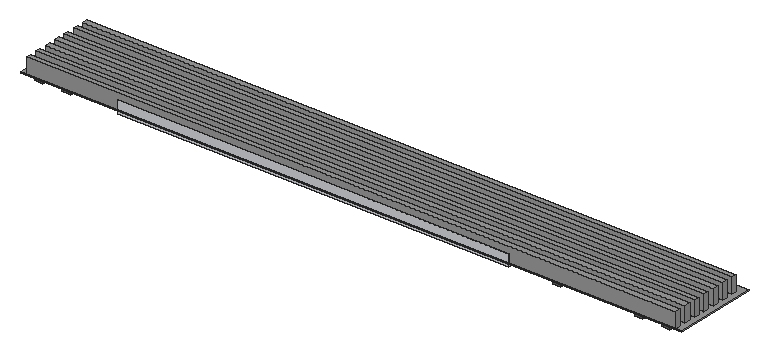
Revit family "1113-7, Solid", category Generic Models, host Face, Revit 2020
Family settings
  Host = Face
  Can host rebar = No
  Round Connector Dimension = Use Diameter
  Part Type = Normal
  Cut with Voids When Loaded = No
  Shared = No
  Room Calculation Point = No
Parameters
  min_value [instance] = 1' - 11 1/4"  # constant formula
  max_value [instance] = 11' - 11 1/4"  # constant formula
  actual_value [instance] = if(NET LENGTH < min_value, min_value, if(NET LENGTH > max_value, max_value, NET LENGTH))  # 7' - 11 1/4"
  SCRIM MATERIAL [instance] = SCRIM
  SCRIM [instance] = yes
  NET LENGTH [instance] = 7' - 11 1/4"
  Default Elevation = 4' - 0"
  BACKER MATERIAL [instance] = BLACK-BACKERS
  .. MEMBER WIDTH [instance] = 0' - 0 3/4"  # constant formula
  .. MEMBER MATERIAL [instance] = Solid Western Hemlock
  .. MEMBER LENGTH [instance] = actual_value  # 7' - 11 1/4"
  .. MEMBER DEPTH [instance] = 0' - 2 1/4"  # constant formula
  .. MEMBER COUNT [instance] = 7  # constant formula
  IMPORTANT NOTE!!!                                                                             *Backer layout is for visualization purposes only, final layout to be determined by 9Wood. [instance] = ""
Reference planes (in)
  plane 1 "Center (Front/Back)": y = 0
  plane 2: z = 1.82209
  plane 3 "Center (Left/Right)": x = 0
Forms (in)
  Extrusion 1, solid
    sketch origin (132, -33.80483, 0) x (1, 0, 0) y (0, 1, 0)
      loop
        line (-118.625, 33.80483) -> (-61.26146, 33.80483) -> (-61.26146, 45.86733) -> (-118.625, 45.86733) -> (-118.625, 33.80483)
    from 1.82209 to 0
Dimensions and locks (in)
  aligned and locked: Extrusion 1 to plane 2
  aligned and locked: plane 3 "Center (Left/Right)" to nested 1
Nested families (in)
  nested 1: "1100 SERIES CONFIG" at (0, 2, 0), .. MEMBER DEPTH <- ".. MEMBER DEPTH", .. MEMBER LENGTH <- ".. MEMBER LENGTH", .. MEMBER WIDTH <- ".. MEMBER WIDTH", .. MEMBER MATERIAL <- ".. MEMBER MATERIAL", BACKING M MATERIAL <- "BACKER MATERIAL", SCRIM  MATERIAL <- "SCRIM MATERIAL", .. MEMBER COUNT <- ".. MEMBER COUNT", SCRIM <- "SCRIM", type "1100 SERIES CONFIG"
    with X 7' - 8", SCRIM OVERHANG 2 0' - 0 3/32", SCRIM OVERHANG 0' - 0 7/8", SCRIM LENGTH 8' - 1", SCRIM  MATERIAL SCRIM, SCRIM yes, NOMINAL LENGTH 7, N 8, Inset 6' - 0 3/8", INSET 0' - 1", INDEX 0' - 5 5/8", HALF MEMBER WIDTH 0' - 0 3/8", HALF LENGTH 3' - 11 5/8", END BACKER yes, BACKING M WIDTH 0' - 1 1/4", BACKING M OC SPACING 1' - 0", BACKING M MATERIAL BLACK-BACKERS, BACKING M LENGTH 0' - 11 7/8", BACKING M DEPTH 0' - 0 1/2", BACKING M COUNT 8, 3/16" INSET 0' - 0 3/16", .. MEMBER WIDTH 0' - 0 3/4", .. MEMBER OC SPACING 0' - 1.71429", .. MEMBER MATERIAL Solid Western Hemlock, .. MEMBER LENGTH 7' - 11 1/4", .. MEMBER DEPTH 0' - 2 1/4", .. MEMBER COUNT 7
Definition of nested family "1100 SERIES CONFIG"
  Parameters (values of type "1100 SERIES CONFIG")
    X [instance] = .. MEMBER LENGTH - 0' 3 1/4"  # 5' - 5"
    SCRIM OVERHANG 2 [instance] = 0' - 0 3/32"  # constant formula
    SCRIM OVERHANG [instance] = 0' - 0 7/8"  # constant formula
    SCRIM LENGTH [instance] = .. MEMBER LENGTH + (SCRIM OVERHANG * 2)  # 5' - 10"
    SCRIM  MATERIAL [instance] = none
    SCRIM [instance] = yes
    NOMINAL LENGTH [instance] = 7
    N [instance] = if((X - (rounddown(X / 1' 0") * 1' 0")) > 1' 0", rounddown(X / 1' 0") + 2, rounddown(X / 1' 0") + 1)  # 6
    Inset [instance] = 6' - 0 3/8"  # constant formula
    INSET [instance] = 0' - 1"  # constant formula
    END BACKER [instance] = INDEX > 0' 3 5/8"  # yes
    INDEX [instance] = (.. MEMBER LENGTH - ((N - 1) * 1' 0")) / 2  # 0' - 4 1/8"
    HALF MEMBER WIDTH [instance] = .. MEMBER WIDTH / 2  # 0' - 0 5/16"
    HALF LENGTH [instance] = .. MEMBER LENGTH / 2  # 2' - 10 1/8"
    Default Elevation = 0' - 0"
    BACKING M WIDTH [instance] = 0' - 1 1/4"
    BACKING M SPACING = 3' - 3"
    BACKING M MATERIAL [instance] = none
    BACKING M LENGTH [instance] = 0' - 11 7/8"
    BACKING M DEPTH [instance] = 0' - 0 1/2"
    BACKING M COUNT [instance] = N  # 6
    BACKING M OC SPACING [instance] = 1' - 0"  # constant formula
    3/16" INSET [instance] = 0' - 0 3/16"  # constant formula
    .. MEMBER WIDTH [instance] = 0' - 0 5/8"
    .. MEMBER OC SPACING [instance] = 1' 0" / .. MEMBER COUNT  # 0' - 4"
    .. MEMBER MATERIAL [instance] = none
    .. MEMBER LENGTH [instance] = 5' - 8 1/4"
    .. MEMBER DEPTH [instance] = 0' - 1 3/8"
    .. MEMBER COUNT [instance] = 3
  Reference planes (in)
    plane 1 "Center (Front/Back)": y = -2
    plane 2: z = 0
    plane 3 "Center (Left/Right)": x = 0
    plane 4: x = 1
    plane 5: x = 4.125
    plane 6: x = 34.125
    plane 7: x = 68.25
    plane 8: x = 67.25
    plane 9: x = 16.125
    plane 10: y = -1.8125
    plane 11: y = -1.6875
    plane 12: y = 2.3125
    plane 13: x = 69.125
    plane 14: x = -0.875
    plane 15: z = 0.5
    plane 16: z = 0.5625
    plane 17: y = 10.0625
    plane 18: y = 10.15625
    plane 19: y = -2.09375
  Dimensions and locks (in)
    "INSET": plane 3 "Center (Left/Right)" to plane 4
    "INDEX": plane 3 "Center (Left/Right)" to plane 5
    "HALF LENGTH": plane 3 "Center (Left/Right)" to plane 6
    ".. MEMBER LENGTH": plane 3 "Center (Left/Right)" to plane 7
    "INSET": plane 8 to plane 7
    equal spacing: group 2, group 3, group 6, group 7, group 8, group 9  (x3)
    "3/16" INSET": plane 1 "Center (Front/Back)" to plane 10
    ".. MEMBER OC SPACING": plane 12 to plane 11
    "SCRIM OVERHANG": plane 14 to plane 3 "Center (Left/Right)"
    "SCRIM OVERHANG": plane 7 to plane 13
    equal spacing: group 1, group 4, group 5  (x2)
    equal spacing: group 5, group 4, group 1
    "HALF MEMBER WIDTH": plane 1 "Center (Front/Back)" to plane 11
    "BACKING M OC SPACING": plane 5 to plane 9
    "SCRIM OVERHANG 2": plane 18 to plane 17
    "SCRIM OVERHANG 2": plane 19 to plane 1 "Center (Front/Back)"
    aligned and locked: level to plane 2
    aligned and locked: plane 6 to nested 1
    aligned and locked: nested 2 to plane 4
    aligned and locked: plane 5 to nested 3
    aligned and locked: plane 1 "Center (Front/Back)" to nested 1
    aligned and locked: nested 2 to plane 10
    aligned and locked: nested 3 to plane 10
    aligned and locked: nested 5 to plane 10
    aligned and locked: nested 4 to plane 10
    aligned and locked: nested 6 to plane 14
    aligned and locked: plane 12 to nested 7
    aligned and locked: nested 7 to plane 3 "Center (Left/Right)"
    aligned and locked: plane 9 to nested 5
    aligned and locked: plane 8 to nested 4
    aligned and locked: plane 15 to nested 2
    aligned and locked: nested 6 to plane 15
    aligned and locked: nested 1 to plane 16
    aligned and locked: nested 7 to plane 16
    aligned and locked: nested 6 to plane 19
  Nested families (in)
    nested 1: "INSTANCE - Parametric Cube" at (34.125, -1.6875, 1.9375), Length <- ".. MEMBER WIDTH", Height <- ".. MEMBER DEPTH", Width <- ".. MEMBER LENGTH", Material <- ".. MEMBER MATERIAL", type "INSTANCE - Parametric Cube"
      with Width 5' - 8 1/4", Material none, Length 0' - 0 5/8", Height 0' - 1 3/8"
    nested 2: "2ND INSTANCE - Parametric Cube" at (1.625, 4.125, 0), Height <- "BACKING M DEPTH", Length <- "BACKING M LENGTH", Width <- "BACKING M WIDTH", Material <- "BACKING M MATERIAL", visible <- "END BACKER", type "2ND INSTANCE - Parametric Cube"
      with Width 0' - 1 1/4", Material none, Length 0' - 11 7/8", Height 0' - 0 1/2"
    nested 3: "2ND INSTANCE - Parametric Cube" at (4.125, 4.125, 0), Length <- "BACKING M LENGTH", Height <- "BACKING M DEPTH", Width <- "BACKING M WIDTH", Material <- "BACKING M MATERIAL", type "2ND INSTANCE - Parametric Cube"
      with Width 0' - 1 1/4", Material none, Length 0' - 11 7/8", Height 0' - 0 1/2"
    nested 4: "2ND INSTANCE - Parametric Cube" at (66.625, 4.125, 0), Width <- "BACKING M WIDTH", Length <- "BACKING M LENGTH", Height <- "BACKING M DEPTH", Material <- "BACKING M MATERIAL", visible <- "END BACKER", type "2ND INSTANCE - Parametric Cube"
      with Width 0' - 1 1/4", Material none, Length 0' - 11 7/8", Height 0' - 0 1/2"
    nested 5: "2ND INSTANCE - Parametric Cube" at (16.125, 4.125, 0), Length <- "BACKING M LENGTH", Height <- "BACKING M DEPTH", Width <- "BACKING M WIDTH", Material <- "BACKING M MATERIAL", type "2ND INSTANCE - Parametric Cube"
      with Width 0' - 1 1/4", Material none, Length 0' - 11 7/8", Height 0' - 0 1/2"
    nested 6: "3RD INSTANCE - Parametric Cube" at (34.125, 4.0445, 0.5), Width <- "SCRIM LENGTH", Material <- "SCRIM  MATERIAL", visible <- "SCRIM", type "3RD INSTANCE - Parametric Cube"
      with Width 5' - 10", Material none, Length 1' - 0.27649", Height 0' - 0 1/16"
    nested 7: "INSTANCE - Parametric Cube" at (34.125, 2.3125, 1.9375), Length <- ".. MEMBER WIDTH", Height <- ".. MEMBER DEPTH", Width <- ".. MEMBER LENGTH", Material <- ".. MEMBER MATERIAL", type "INSTANCE - Parametric Cube"
      with Width 5' - 8 1/4", Material none, Length 0' - 0 5/8", Height 0' - 1 3/8"
    nested 8: "INSTANCE - Parametric Cube" at (34.125, 6.3125, 1.9375), Length <- ".. MEMBER WIDTH", Height <- ".. MEMBER DEPTH", Width <- ".. MEMBER LENGTH", Material <- ".. MEMBER MATERIAL", type "INSTANCE - Parametric Cube"
      with Width 5' - 8 1/4", Material none, Length 0' - 0 5/8", Height 0' - 1 3/8"
    nested 9: "2ND INSTANCE - Parametric Cube" at (28.125, 4.125, 0), Length <- "BACKING M LENGTH", Height <- "BACKING M DEPTH", Width <- "BACKING M WIDTH", Material <- "BACKING M MATERIAL", type "2ND INSTANCE - Parametric Cube"
      with Width 0' - 1 1/4", Material none, Length 0' - 11 7/8", Height 0' - 0 1/2"
    nested 10: "2ND INSTANCE - Parametric Cube" at (40.125, 4.125, 0), Length <- "BACKING M LENGTH", Height <- "BACKING M DEPTH", Width <- "BACKING M WIDTH", Material <- "BACKING M MATERIAL", type "2ND INSTANCE - Parametric Cube"
      with Width 0' - 1 1/4", Material none, Length 0' - 11 7/8", Height 0' - 0 1/2"
    nested 11: "2ND INSTANCE - Parametric Cube" at (52.125, 4.125, 0), Length <- "BACKING M LENGTH", Height <- "BACKING M DEPTH", Width <- "BACKING M WIDTH", Material <- "BACKING M MATERIAL", type "2ND INSTANCE - Parametric Cube"
      with Width 0' - 1 1/4", Material none, Length 0' - 11 7/8", Height 0' - 0 1/2"
    nested 12: "2ND INSTANCE - Parametric Cube" at (64.125, 4.125, 0), Length <- "BACKING M LENGTH", Height <- "BACKING M DEPTH", Width <- "BACKING M WIDTH", Material <- "BACKING M MATERIAL", type "2ND INSTANCE - Parametric Cube"
      with Width 0' - 1 1/4", Material none, Length 0' - 11 7/8", Height 0' - 0 1/2"
  Definition of nested family "INSTANCE - Parametric Cube"
    Parameters (values of type "INSTANCE - Parametric Cube")
      Width [instance] = 0' - 6"
      Material [instance] = none
      Length [instance] = 1' - 0"
      Height [instance] = 1' - 6"
      Default Elevation = 0' - 0"
    Reference planes (in)
      plane 1 "Center (Front/Back)": y = 0
      plane 2: z = 0
      plane 3 "Center (Left/Right)": x = 0
      plane 4: x = -3
      plane 5: x = 3
      plane 6: y = 6
      plane 7: y = -6
      plane 8: z = -18
    Forms (in)
      Extrusion 1, solid, material <- "Material"
        sketch origin (0, 0, 0) x (1, 0, 0) y (0, 1, 0)
          loop
            line (-3, 6) -> (-3, -6) -> (3, -6) -> (3, 6) -> (-3, 6)
        from -18 to 0
    Dimensions and locks (in)
      equal spacing: plane 4, plane 3 "Center (Left/Right)", plane 5
      equal spacing: plane 6, plane 1 "Center (Front/Back)", plane 7
      "Length": plane 6 to plane 7
      "Width": plane 4 to plane 5
      "Height": plane 8 to level
      aligned and locked: plane 2 to level
      aligned and locked: Extrusion 1 sketch curve to plane 6
      aligned and locked: plane 4 to Extrusion 1 sketch curve
      aligned and locked: plane 7 to Extrusion 1 sketch curve
      aligned and locked: Extrusion 1 sketch curve to plane 5
      aligned and locked: Extrusion 1 to plane 8
  Definition of nested family "2ND INSTANCE - Parametric Cube"
    Parameters (values of type "2ND INSTANCE - Parametric Cube")
      Width [instance] = 0' - 6"
      Material [instance] = none
      Length [instance] = 1' - 0"
      Height [instance] = 1' - 6"
      Default Elevation = 0' - 0"
    Reference planes (in)
      plane 1 "Center (Front/Back)": y = 0
      plane 2: z = 0
      plane 3 "Center (Left/Right)": x = 0
      plane 4: x = -3
      plane 5: x = 3
      plane 6: y = 6
      plane 7: y = -6
      plane 8: z = 18
    Forms (in)
      Extrusion 1, solid, material <- "Material"
        sketch origin (0, 0, 0) x (1, 0, 0) y (0, 1, 0)
          loop
            line (-3, 6) -> (-3, -6) -> (3, -6) -> (3, 6) -> (-3, 6)
        from 0 to 18
    Dimensions and locks (in)
      equal spacing: plane 4, plane 3 "Center (Left/Right)", plane 5
      equal spacing: plane 6, plane 1 "Center (Front/Back)", plane 7
      "Length": plane 6 to plane 7
      "Width": plane 4 to plane 5
      "Height": level to plane 8
      aligned and locked: plane 2 to level
      aligned and locked: Extrusion 1 sketch curve to plane 6
      aligned and locked: plane 4 to Extrusion 1 sketch curve
      aligned and locked: plane 7 to Extrusion 1 sketch curve
      aligned and locked: Extrusion 1 sketch curve to plane 5
      aligned and locked: plane 8 to Extrusion 1
      aligned and locked: Extrusion 1 to level
  Definition of nested family "3RD INSTANCE - Parametric Cube"
    Parameters (values of type "3RD INSTANCE - Parametric Cube")
      Width [instance] = 0' - 6"
      Material [instance] = none
      Length [instance] = 1' - 0"
      Height [instance] = 1' - 6"
      Default Elevation = 0' - 0"
    Reference planes (in)
      plane 1 "Center (Front/Back)": y = 0
      plane 2: z = 0
      plane 3 "Center (Left/Right)": x = 0
      plane 4: x = -3
      plane 5: x = 3
      plane 6: y = 6
      plane 7: y = -6
      plane 8: z = 18
    Forms (in)
      Extrusion 1, solid, material <- "Material"
        sketch origin (0, 0, 0) x (1, 0, 0) y (0, 1, 0)
          loop
            line (-3, 6) -> (-3, -6) -> (3, -6) -> (3, 6) -> (-3, 6)
        from 0 to 18
    Dimensions and locks (in)
      equal spacing: plane 4, plane 3 "Center (Left/Right)", plane 5
      equal spacing: plane 6, plane 1 "Center (Front/Back)", plane 7
      "Length": plane 6 to plane 7
      "Width": plane 4 to plane 5
      "Height": level to plane 8
      aligned and locked: plane 2 to level
      aligned and locked: Extrusion 1 sketch curve to plane 6
      aligned and locked: plane 4 to Extrusion 1 sketch curve
      aligned and locked: plane 7 to Extrusion 1 sketch curve
      aligned and locked: Extrusion 1 sketch curve to plane 5
      aligned and locked: plane 8 to Extrusion 1
      aligned and locked: Extrusion 1 to level
